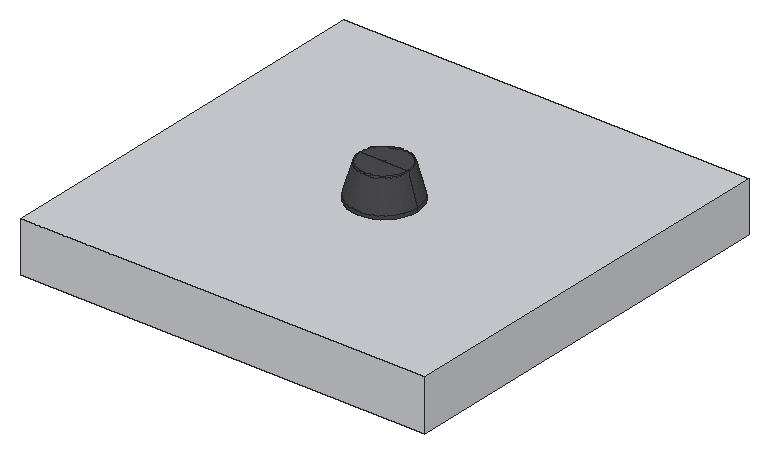
Revit family "IEK_Основание бетонное для молниеприемника", category Обобщенные модели, Revit 2019
Family settings
  Основа = Грань
  Может служить основой для арматурных стержней = Нет
  Размер круглого соединителя = Использовать диаметр
  Тип детали = Нормальный
  При загрузке вырезать с полостями = Нет
  Общий = Да
  Точка расчета площади = Нет
Parameters (values of type "М16")
  Default Elevation = 0 mm
  KSI_CPr_Строительные изделия = ""
  KSI_CMa_Строительные материалы = ""
  IEK_Цена за единицу = 5022
  IEK_Поиск в таблице имен = ""
  IEK_Описание = "Основание бетонное для молниеприемника товарного знака IEK используется для установки на плоской кровле молниеприемника высотой до 3 метров. Применяется для выполнения молниезащиты отдельных выступающих на кровле объектов: вентиляционных шахт, элементов систем кондиционирования и т.д."
  IEK_URL = "https://www.iek.ru/products/catalog/sistemy_dlya_prokladki_kabelya/molniezashchita_i_zazemlenie/passivnaya_molniezashchita_i_zazemlenie/aksessuary_k_ustroystvam_molniezashchity_i_zazemleniya/osnovanie_betonnoe_dlya_molniepriyemnika_iek"
  ADSK_Примечание = ""
  ADSK_Позиция [instance] = ""
  ADSK_Наименование = "Основание бетонное для молниеприёмника IEK"
  ADSK_Материал обозначение = ""
  ADSK_Материал наименование = "Бетон"
  ADSK_Материал = RAL 9005 Чёрный янтарь
  ADSK_Масса = 36
  ADSK_Марка = ""
  ADSK_Код изделия = "ZLC10D-CB-01"
  ADSK_Завод-изготовитель = "IEK"  # constant formula
  ADSK_Единица измерения = "шт"  # constant formula
  ADSK_Группирование = "VIII. ЭЛЕМЕНТЫ ВНЕШНЕЙ МОЛНИЕЗАЩИТЫ"  # constant formula
  ADSK_Версия семейства = "1.0"  # constant formula
  ADSK_Версия Revit = "2019"  # constant formula
  ADSK_URL страницы изделия = "https://www.iek.ru/products/catalog/sistemy_dlya_prokladki_kabelya/molniezashchita_i_zazemlenie/passivnaya_molniezashchita_i_zazemlenie/aksessuary_k_ustroystvam_molniezashchity_i_zazemleniya/?pagec=100"
Reference planes
  plane 1 "По центру (Вперед/Назад)": y = 0
  plane 2: z = 0
  plane 3 "По центру (Влево/Вправо)": x = 0
  plane 4: z = 200
  plane 5: x = -200
  plane 6: x = -8
  plane 7: x = -148
  plane 8: z = 20
Forms (mm)
  Extrusion 1, solid
    sketch origin (0, 0, 0) x (1, 0, 0) y (0, 1, 0)
      loop
        line (-1219.2, 1219.2) -> (-1219.2, -1219.2) -> (1219.2, -1219.2) -> (1219.2, 1219.2) -> (-1219.2, 1219.2)
    from 0 to -304.8
  Revolve 2, solid, material "RAL 9005 Чёрный янтарь" <- "ADSK_Материал"
    sketch origin (0, 0, 0) x (1, 0, 0) y (0, 0, 1)
      loop
        line (-8, 200) -> (-144.24, 200)
        arc (-144.24, 200) -> (-147.245, 198.996) -> (-149.044, 196.388) r 5
        line (-149.044, 196.388) -> (-200, 20) -> (-200, 0) -> (-8, 0) -> (-8, 200)
      axis (0, 200) -> (0, 0)
    angle from 0 to 360
Dimensions and locks
  aligned and locked: plane 2 to Extrusion 1
  aligned and locked: level to Extrusion 1
  aligned and locked: Revolve 2 sketch curve to plane 3 "По центру (Влево/Вправо)"
